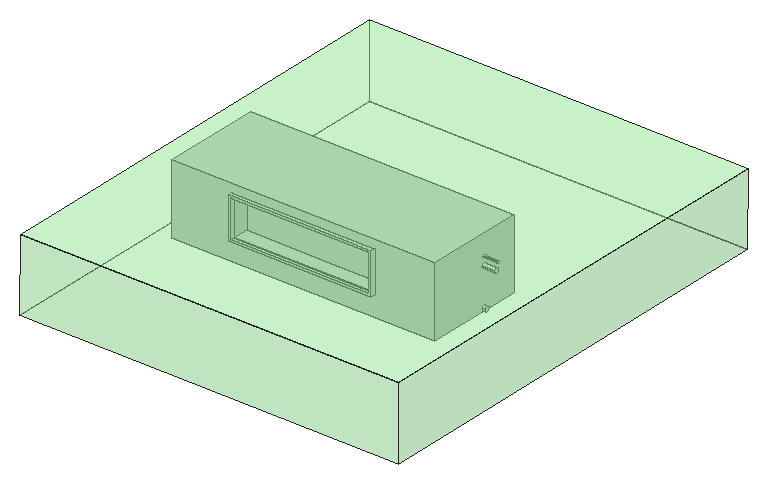
Revit family "BC_Hitachi_RPI-FSNE-8-10.0_LOD400", category Equipement de génie climatique, Revit 2016
Family settings
  Type d'élément = Normal
  Cote de connecteur circulaire = Utiliser le diamètre
  Numéro OmniClass = 23.75.00.00
  Titre OmniClass = Climate Control (HVAC)
  Basée sur le plan de construction = Non
  Toujours verticalement = Oui
  Couper avec des vides une fois chargée = Non
  Partagée = Non
  Point de calcul de pièce = Non
Parameters (values of type "RPI - 10.0 FSN3E")
  Sound power max (dB(A)) = 55
  Sound power level dB(A) = "78"
  Sound power at minimal load (dB(A)) = 52
  Sound power at medium load (dB(A)) = 55
  Refrigerant = "R410A"
  Product Code = "7E424411"
  Overall Width = 600.00 mm
  Overall Height = 1594.00 mm
  Overall Depth = 423.00 mm
  Output Width = 866.00 mm
  Output Height = 250.00 mm
  Outlet Diameter = 25.00 mm
  Number of Poles = "1"
  Minimum Air Flow = 60000.0 L/min
  Minimum AC Voltage = 207 V
  Maximum Air Flow = 66000.0 L/min
  Maximum AC Voltage = 253 V
  Mass = 87.00 kg
  Power supply = 230 V
  Operation and Service space [instance] = yes
  Operation and Service pipe distance = 600.00 mm
  Modèle = "Ducted unit RPI-FSN3/4 - 8 to 10"
  Maximum running current = 10 A
  Liquid pipe Height = 300.00 mm
  Liquid Diameter = 9.52 mm
  Input Width = 1376.00 mm
  Input Height = 324.00 mm
  Heating Capacity = 31 kW
  Gas pipe Height = 250.00 mm
  Gas Diameter = 22.20 mm
  Frequency = 50 Hz
  Drain pipe Height = 20.00 mm
  Fan motor type (output) = 1065 W
  Fabricant = "HITACHI"
  Distance from left liquid pipe = 370.00 mm
  Distance from left pipe = 370.00 mm
  Distance from left Drain pipe = 370.00 mm
  Description = "Duct High pressure, Up to 200 Pa"
  Cooling Capacity = 28 kW
  Commentaires du type = "RPI - 10.0 FSN3E"
  Air outlet distance = 25.00 mm
  Air flow Speed (high/medium/low) m3/min) = "66/66/60"
Types (2, lengths in mm): name | Sound power max (dB(A)) | Sound power level dB(A) | Sound power at minimal load (dB(A)) | Sound power at medium load (dB(A)) | Product Code | Mass | Heating Capacity | Gas Diameter | Distance from left liquid pipe | Distance from left pipe | Cooling Capacity | Commentaires du type
  RPI - 8.0 FSN3E | 54 | "77" | 51 | 54 | "7E424410" | 85.00 kg | 25 kW | 20.00 | 360.00 | 360.00 | 22.4 kW | "RPI - 8.0 FSN3E"
  RPI - 10.0 FSN3E | 55 | "78" | 52 | 55 | "7E424411" | 87.00 kg | 31 kW | 22.20 | 370.00 | 370.00 | 28 kW | "RPI - 10.0 FSN3E"
Reference planes
  plane 1 "Centre (avant/arrière)": y = 0
  plane 2: z = 0
  plane 3 "Centre (gauche/droite)": x = 0
  plane 4 "Gauche Boitier": x = -797
  plane 5 "Droit Boitier": x = 797
  plane 6 "Top": y = 300
  plane 7 "Base": y = -300
  plane 8 "Profondeur": z = 423
  plane 9: z = 140
  plane 10: z = 86
  plane 11 "DECALAGE Air Inlet": y = 330
  plane 12 "Decalage Air outlet": y = -325
  plane 13: x = 433
  plane 14: x = -433
  plane 15: x = -688
  plane 16: x = 688
  plane 17: z = 373.5
  plane 18: z = 49.5
  plane 19: z = 211.5
  plane 20: y = 1330
  plane 21: y = -1325
  plane 22 "A": x = -897
  plane 23 "B": x = 1397
  plane 24 "L1": z = 433
  plane 25 "L2": z = -10
  plane 26: z = 363.35
  plane 27: z = 133.5
  plane 28: z = 123.5
  plane 29: x = 678
  plane 30: x = -678
  plane 31 "Void plane": z = 59.5
Forms (mm)
  Extrusion 1, solid
    sketch origin (0, 0, 0) x (1, 0, 0) y (0, 1, 0)
      loop
        line (-797, 300) -> (-797, -300) -> (797, -300) -> (797, 300) -> (-797, 300)
    from 0 to 423
  Extrusion 2, solid
    sketch origin (797, 0, 0) x (0, 1, 0) y (0, 0, 1)
      loop
        circle (70, 300) r 4.76
    from 0 to 91
  Extrusion 3, solid
    sketch origin (797, 41.538, 47.769) x (0, 1, 0) y (0, 0, 1)
      loop
        circle (28.462, 202.231) r 11.1
    from 0 to 81
  Extrusion 4, solid
    sketch origin (797, 133.133, 76.392) x (0, 1, 0) y (0, 0, 1)
      loop
        circle (-63.133, -56.392) r 12.5
    from 0 to 22
  Extrusion 5, solid
    sketch origin (0, -300, 0) x (-1, 0, 0) y (0, 0, 1)
      loop
        line (-433, 373.5) -> (-433, 123.5) -> (433, 123.5) -> (433, 373.5) -> (-433, 373.5)
    from 0 to -25
  Extrusion 6, solid
    sketch origin (0, 300, 0) x (1, 0, 0) y (0, 0, 1)
      loop
        line (688, 373.5) -> (-688, 373.5) -> (-688, 49.5) -> (688, 49.5) -> (688, 373.5)
    from 0 to -30
  Extrusion 7, void
    sketch origin (0, -325, 0) x (-1, 0, 0) y (0, 0, 1)
      loop
        line (-419.7, 133.5) -> (419.7, 133.5) -> (419.7, 363.35) -> (-419.7, 363.35) -> (-419.7, 133.5)
    from 0 to 120
  Extrusion 8, void
    sketch origin (0, 330, 0) x (1, 0, 0) y (0, 0, 1)
      loop
        line (678, 363.35) -> (-678, 363.35) -> (-678, 59.5) -> (678, 59.5) -> (678, 363.35)
    from 0 to 150
  Extrusion 9, solid, material "Operation and service space", visible <- "Operation and Service space"
    sketch origin (0, 0, -10) x (-1, 0, 0) y (0, -1, 0)
      loop
        line (897, -1330) -> (897, 1325) -> (-1397, 1325) -> (-1397, -1330) -> (897, -1330)
    from 0 to 443
Cuts and joins
  Extrusion 7, Extrusion 8 cuts Extrusion 1
  Extrusion 7 cuts Extrusion 5
  Extrusion 8 cuts Extrusion 6
Lines and regions (mm)
  model lines, visible <- "Operation and Service space"
    curve 1: line (-897, 1330, 433) -> (1397, 1330, 433)
    curve 2: line (-897, -1325, 433) -> (-897, 1330, 433)
    curve 3: line (1397, -1325, 433) -> (-897, -1325, 433)
    curve 4: line (1397, 1330, 433) -> (1397, -1325, 433)
    curve 5: line (-897, 1330, -10) -> (1397, 1330, -10)
    curve 6: line (-897, -1325, -10) -> (-897, 1330, -10)
    curve 7: line (1397, -1325, -10) -> (-897, -1325, -10)
    curve 8: line (1397, 1330, -10) -> (1397, -1325, -10)
    curve 9: line (-897, 1330, 433) -> (-897, 1330, -10)
    curve 10: line (-897, -1325, 433) -> (-897, -1325, -10)
    curve 11: line (1397, 1330, 433) -> (1397, 1330, -10)
    curve 12: line (1397, -1325, 433) -> (1397, -1325, -10)
  model lines
    curve 13: line (-433, -325, 373.5) -> (433, -325, 373.5)
Dimensions and locks
  "Overall Height": plane 4 "Gauche Boitier" to plane 5 "Droit Boitier"
  equal spacing: plane 4 "Gauche Boitier", plane 3 "Centre (gauche/droite)", plane 5 "Droit Boitier"
  equal spacing: plane 7 "Base", plane 1 "Centre (avant/arrière)", plane 6 "Top"
  "Overall Width": plane 7 "Base" to plane 6 "Top"
  "Overall Depth": plane 8 "Profondeur" to plane 2
  "Distance from left liquid pipe": plane 7 "Base" to Extrusion 2 sketch curve
  "Liquid pipe Height": Extrusion 2 sketch curve to plane 2
  "Distance from left pipe": plane 7 "Base" to Extrusion 3 sketch curve
  "Gas pipe Height": Extrusion 3 sketch curve to plane 2
  "Distance from left Drain pipe": plane 7 "Base" to Extrusion 4 sketch curve
  "Air outlet distance": plane 7 "Base" to plane 12 "Decalage Air outlet"
  equal spacing: plane 15, plane 3 "Centre (gauche/droite)", plane 16
  "Input Height": plane 18 to plane 17
  equal spacing: plane 8 "Profondeur", plane 19, plane 2
  equal spacing: plane 17, plane 19, plane 18
  "Drain pipe Height": Extrusion 4 sketch curve to plane 2
  "Output Width": plane 14 to plane 13
  "Input Width": plane 15 to plane 16
  equal spacing: plane 14, plane 3 "Centre (gauche/droite)", plane 13
  locked: plane 12 "Decalage Air outlet" to plane 21 at 1000
  locked: plane 11 "DECALAGE Air Inlet" to plane 20 at 1000
  locked: plane 22 "A" to plane 4 "Gauche Boitier" at 100
  "Operation and Service pipe distance": plane 5 "Droit Boitier" to plane 23 "B"
  locked: plane 2 to plane 25 "L2" at 10
  locked: plane 24 "L1" to plane 8 "Profondeur" at 10
  locked: plane 17 to plane 26 at 10.15
  "Output Height": plane 17 to plane 28
  locked: plane 27 to plane 28 at 10
  locked: plane 13 to cut or joined group of Extrusion 5, Extrusion 7 at 13.3
  locked: plane 14 to cut or joined group of Extrusion 5, Extrusion 7 at 13.3
  locked: plane 16 to plane 29 at 10
  locked: plane 30 to plane 15 at 10
  locked: plane 18 to plane 31 "Void plane" at 10
  "Liquid Diameter": diameter of Extrusion 2 sketch curve
  "Gas Diameter": diameter of Extrusion 3 sketch curve
  "Outlet Diameter": diameter of Extrusion 4 sketch curve
  aligned and locked: level to plane 2
  aligned and locked: plane 6 "Top" to Extrusion 1 sketch curve
  aligned and locked: Extrusion 1 sketch curve to plane 4 "Gauche Boitier"
  aligned and locked: plane 7 "Base" to Extrusion 1 sketch curve
  aligned and locked: Extrusion 1 sketch curve to plane 5 "Droit Boitier"
  aligned and locked: plane 8 "Profondeur" to Extrusion 1
  aligned and locked: Extrusion 5 to plane 12 "Decalage Air outlet"
  aligned and locked: plane 16 to Extrusion 6 sketch curve
  aligned and locked: plane 18 to Extrusion 6 sketch curve
  aligned and locked: Extrusion 6 sketch curve to plane 17
  aligned and locked: plane 15 to Extrusion 6 sketch curve
  aligned and locked: plane 17 to Extrusion 5
  aligned and locked: plane 13 to Extrusion 5
  aligned and locked: plane 13 to Extrusion 5 sketch curve
  aligned and locked: plane 14 to Extrusion 5 sketch curve
  aligned and locked: plane 11 "DECALAGE Air Inlet" to Extrusion 6
  aligned and locked: curve 1 to plane 20
  aligned and locked: plane 22 "A" to curve 2
  aligned and locked: plane 21 to curve 3
  aligned and locked: curve 4 to plane 23 "B"
  aligned and locked: Extrusion 7 sketch curve to plane 26
  aligned and locked: Extrusion 5 sketch curve to plane 28
  aligned and locked: plane 17 to Extrusion 5 sketch curve
  aligned and locked: plane 27 to Extrusion 7 sketch curve
  aligned and locked: plane 26 to Extrusion 8 sketch curve
  aligned and locked: Extrusion 8 sketch curve to plane 29
  aligned and locked: Extrusion 8 sketch curve to plane 31 "Void plane"
  aligned and locked: plane 30 to Extrusion 8 sketch curve
  aligned and locked: Extrusion 9 sketch curve to curve 1
  aligned and locked: Extrusion 9 sketch curve to curve 2
  aligned and locked: Extrusion 9 sketch curve to curve 3
  aligned and locked: Extrusion 9 sketch curve to curve 4
  aligned and locked: plane 24 "L1" to Extrusion 9
Automatic sketch dimensions
  curve 7 to plane 21 = 0.00 mm
  curve 7 to plane 23 "B" = 0.00 mm
  curve 6 to plane 20 = 0.00 mm
  curve 5 to plane 22 "A" = 0.00 mm
  curve 10 to plane 21 = 0.00 mm
  curve 9 to plane 20 = 0.00 mm
  curve 9 to plane 25 "L2" = 0.00 mm
  curve 10 to plane 25 "L2" = 0.00 mm
  curve 10 to plane 24 "L1" = 0.00 mm
  curve 9 to plane 24 "L1" = 0.00 mm
  curve 12 to plane 21 = 0.00 mm
  curve 11 to plane 20 = 0.00 mm
  curve 11 to plane 25 "L2" = 0.00 mm
  curve 12 to plane 25 "L2" = 0.00 mm
  curve 12 to plane 24 "L1" = 0.00 mm
  curve 11 to plane 24 "L1" = 0.00 mm
  plane 14 to curve 13 = 0.00 mm
  curve 13 to plane 17 = 0.00 mm
  Extrusion 7 sketch curve to plane 16 = 268.30 mm
  plane 15 to Extrusion 7 sketch curve = 268.30 mm
  curve 13 to plane 13 = 0.00 mm
Connectors
  piping at (819, 70, 20), diameter 25, driven by "Outlet Diameter"
    settings: on Extrusion 4, index 1, connector inside diameter 609.6 mm, connector length 0.00 mm, flow factor 0, pipe flow 0.0 L/s, pressure drop 0.0 Pa, fitting loss kfactor 0, connector angle 0.00°, fixture units 0, engagement length 0.00 mm, angle of deflection 0.00°, flow configuration 0, flow direction 0, fitting loss method 0, system type 16, joint type 0, gender type 0, connector reference index -1, connector utility 0, adjustable connector no, is connector primary yes, connector description ""
  piping at (878, 70, 250), diameter 22.2, driven by "Gas Diameter"
    settings: on Extrusion 3, index 2, connector inside diameter 609.6 mm, connector length 0.00 mm, flow factor 0, pipe flow 0.0 L/s, pressure drop 0.0 Pa, fitting loss kfactor 0, connector angle 0.00°, fixture units 0, engagement length 0.00 mm, angle of deflection 0.00°, flow configuration 0, flow direction 0, fitting loss method 0, system type 29, joint type 0, gender type 0, connector reference index -1, connector utility 0, adjustable connector no, is connector primary no, connector description ""
  piping at (888, 70, 300), diameter 9.52, driven by "Liquid Diameter"
    settings: on Extrusion 2, index 3, connector inside diameter 609.6 mm, connector length 0.00 mm, flow factor 0, pipe flow 0.0 L/s, pressure drop 0.0 Pa, fitting loss kfactor 0, connector angle 0.00°, fixture units 0, engagement length 0.00 mm, angle of deflection 0.00°, flow configuration 0, flow direction 0, fitting loss method 0, system type 29, joint type 0, gender type 0, connector reference index -1, connector utility 0, adjustable connector no, is connector primary no, connector description ""
  hvac at (0, 330, 211.5), driven by "Input Height", driven by "Input Width"
    settings: on Extrusion 6, index 5, duct flow 0.0 L/min, flow factor 0, pres drop 0.0 Pa, loss coef 0, conn angle 0.00°, conn width 1376 mm, conn height 324 mm, conn diameter 609.6 mm, duct sys type 29, conn prof type 1, flow config 0, flow direction 1, loss method 0, conn ref index -1, conn util no, is conn primary yes, conn desc ""
  hvac at (0, -325, 248.5), driven by "Output Height", driven by "Output Width"
    settings: on cut or joined group of Extrusion 5, Extrusion 7, index 6, duct flow 0.0 L/min, flow factor 0, pres drop 0.0 Pa, loss coef 0, conn angle 0.00°, conn width 866 mm, conn height 250 mm, conn diameter 609.6 mm, duct sys type 29, conn prof type 1, flow config 0, flow direction 2, loss method 0, conn ref index -1, conn util no, is conn primary no, conn desc ""
